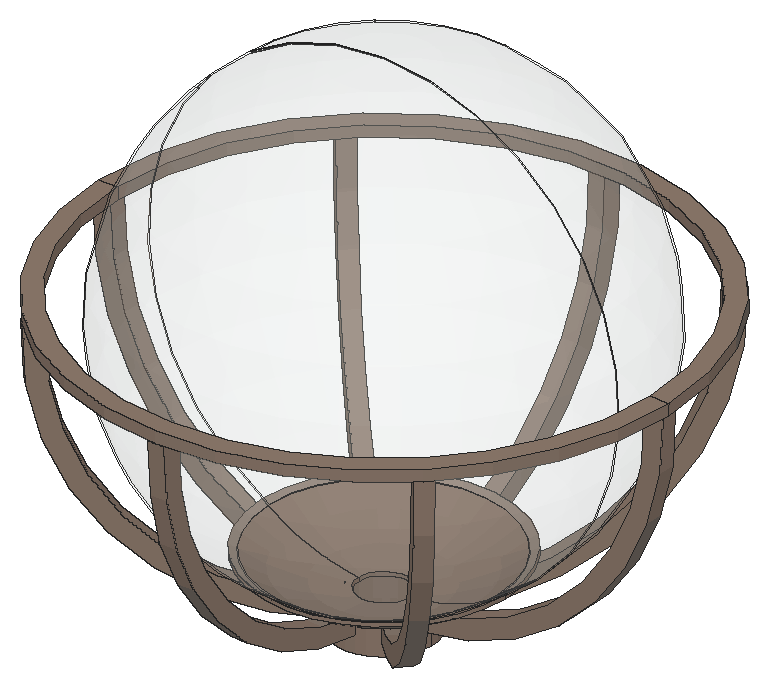
Revit family "WG122", category Generic Models, Revit 2014
Parameters
  GLASS = Glass
  CAST = Bronze, Architectural
Reference planes (in)
  plane 1 "Center (Front/Back)": y = 0
  plane 2: z = 0
  plane 3 "Center (Left/Right)": x = 0
Forms (in)
  Revolve 1, solid, material "Bronze, Architectural" <- "CAST"
    sketch origin (0, 0, 0) x (1, 0, 0) y (0, 0, 1)
      loop
        line (-2.22, 2.93518) -> (-1.47302, 2.93518) -> (-1.47302, 4.58993) -> (-2.22, 4.58993) -> (-2.22, 2.93518)
      axis (0, 4.58993) -> (0, 2.93518)
    angle from 0 to 360
  Revolve 2, solid, material "Bronze, Architectural" <- "CAST"
    sketch origin (0, 0, 0) x (1, 0, 0) y (0, 0, 1)
      loop
        line (-5.68418, 6.30859) -> (-5.68418, 6.13672)
        arc (-5.68418, 6.13672) -> (-3.55422, 4.96934) -> (-1.18418, 4.43795) r 8.67819
        line (-1.18418, 4.43795) -> (-1.18418, 4.60982)
        arc (-1.18418, 4.60982) -> (-3.55422, 5.14121) -> (-5.68418, 6.30859) r 8.67819
      axis (0, 6.30859) -> (0, 4.43795)
    angle from 0 to 360
  Revolve 3, solid, material "Bronze, Architectural" <- "CAST"
    sketch origin (0, 0, 0) x (1, 0, 0) y (0, 0, 1)
      loop
        line (-13.28532, 16.96431) -> (-13.28532, 16.44871) -> (-12.42666, 16.44871) -> (-12.42666, 16.96431) -> (-13.28532, 16.96431)
      axis (0, 16.96431) -> (0, 16.44871)
    angle from 0 to 360
  Extrusion 4, solid, material "Bronze, Architectural" <- "CAST"
    sketch origin (0, 0, 0) x (1, 0, 0) y (0, 0, 1)
      loop
        arc (-13.28532, 16.44871) -> (-10.17958, 7.75415) -> (-1.91727, 3.63406) r 12.36598
        line (-1.91727, 3.63406) -> (-1.91727, 4.4964)
        arc (-1.91727, 4.4964) -> (-9.57076, 8.36301) -> (-12.42523, 16.44871) r 11.5066
        line (-12.42523, 16.44871) -> (-13.28532, 16.44871)
    from -0.375 to 0.375
  Extrusion 5, solid, material "Bronze, Architectural" <- "CAST"
    sketch origin (0, 0, 0) x (-1, 0, 0) y (0, 0, -1)
      loop
        line (-13.28532, -16.44871) -> (-12.42523, -16.44871)
        arc (-12.42523, -16.44871) -> (-9.57076, -8.36301) -> (-1.91727, -4.4964) r 11.5066
        line (-1.91727, -4.4964) -> (-1.91727, -3.63406)
        arc (-1.91727, -3.63406) -> (-10.17958, -7.75415) -> (-13.28532, -16.44871) r 12.36598
    from -0.375 to 0.375
  Extrusion 6, solid, material "Bronze, Architectural" <- "CAST"
    sketch origin (0, 0, 0) x (0, -1, 0) y (0, 0, 1)
      loop
        arc (-13.28532, 16.44871) -> (-10.17958, 7.75415) -> (-1.91727, 3.63406) r 12.36598
        line (-1.91727, 3.63406) -> (-1.91727, 4.4964)
        arc (-1.91727, 4.4964) -> (-9.57076, 8.36301) -> (-12.42523, 16.44871) r 11.5066
        line (-12.42523, 16.44871) -> (-13.28532, 16.44871)
    from -0.375 to 0.375
  Extrusion 7, solid, material "Bronze, Architectural" <- "CAST"
    sketch origin (0, 0, 0) x (0, 1, 0) y (0, 0, -1)
      loop
        line (-13.28532, -16.44871) -> (-12.42523, -16.44871)
        arc (-12.42523, -16.44871) -> (-9.57076, -8.36301) -> (-1.91727, -4.4964) r 11.5066
        line (-1.91727, -4.4964) -> (-1.91727, -3.63406)
        arc (-1.91727, -3.63406) -> (-10.17958, -7.75415) -> (-13.28532, -16.44871) r 12.36598
    from -0.375 to 0.375
  Extrusion 8, solid, material "Bronze, Architectural" <- "CAST"
    sketch origin (0, 0, 0) x (0.707107, -0.707107, 0) y (0, 0, 1)
      loop
        arc (-13.28532, 16.44871) -> (-10.17958, 7.75415) -> (-1.91727, 3.63406) r 12.36598
        line (-1.91727, 3.63406) -> (-1.91727, 4.4964)
        arc (-1.91727, 4.4964) -> (-9.57076, 8.36301) -> (-12.42523, 16.44871) r 11.5066
        line (-12.42523, 16.44871) -> (-13.28532, 16.44871)
    from -0.375 to 0.375
  Extrusion 9, solid, material "Bronze, Architectural" <- "CAST"
    sketch origin (0, 0, 0) x (-0.707107, 0.707107, 0) y (0, 0, -1)
      loop
        line (-13.28532, -16.44871) -> (-12.42523, -16.44871)
        arc (-12.42523, -16.44871) -> (-9.57076, -8.36301) -> (-1.91727, -4.4964) r 11.5066
        line (-1.91727, -4.4964) -> (-1.91727, -3.63406)
        arc (-1.91727, -3.63406) -> (-10.17958, -7.75415) -> (-13.28532, -16.44871) r 12.36598
    from -0.375 to 0.375
  Extrusion 10, solid, material "Bronze, Architectural" <- "CAST"
    sketch origin (0, 0, 0) x (-0.707107, -0.707107, 0) y (0, 0, 1)
      loop
        arc (-13.28532, 16.44871) -> (-10.17958, 7.75415) -> (-1.91727, 3.63406) r 12.36598
        line (-1.91727, 3.63406) -> (-1.91727, 4.4964)
        arc (-1.91727, 4.4964) -> (-9.57076, 8.36301) -> (-12.42523, 16.44871) r 11.5066
        line (-12.42523, 16.44871) -> (-13.28532, 16.44871)
    from -0.375 to 0.375
  Extrusion 11, solid, material "Bronze, Architectural" <- "CAST"
    sketch origin (0, 0, 0) x (0.707107, 0.707107, 0) y (0, 0, -1)
      loop
        line (-13.28532, -16.44871) -> (-12.42523, -16.44871)
        arc (-12.42523, -16.44871) -> (-9.57076, -8.36301) -> (-1.91727, -4.4964) r 11.5066
        line (-1.91727, -4.4964) -> (-1.91727, -3.63406)
        arc (-1.91727, -3.63406) -> (-10.17958, -7.75415) -> (-13.28532, -16.44871) r 12.36598
    from -0.375 to 0.375
  Revolve 12, solid, material "Glass" <- "GLASS"
    sketch origin (0, 0, 0) x (1, 0, 0) y (0, 0, 1)
      loop
        line (-5.3592, 6.13248) -> (-5.32705, 6.18611)
        arc (-5.32705, 6.18611) -> (-10.59383, 18.49433) -> (0, 26.6798) r 10.93695
        line (0, 26.6798) -> (0, 26.7423)
        arc (0, 26.7423) -> (-10.65408, 18.51101) -> (-5.3592, 6.13248) r 10.99945
      axis (0, 26.7423) -> (0, 6.13248)
    angle from 0 to 360
Dimensions and locks (in)
  aligned and locked: plane 2 to level
